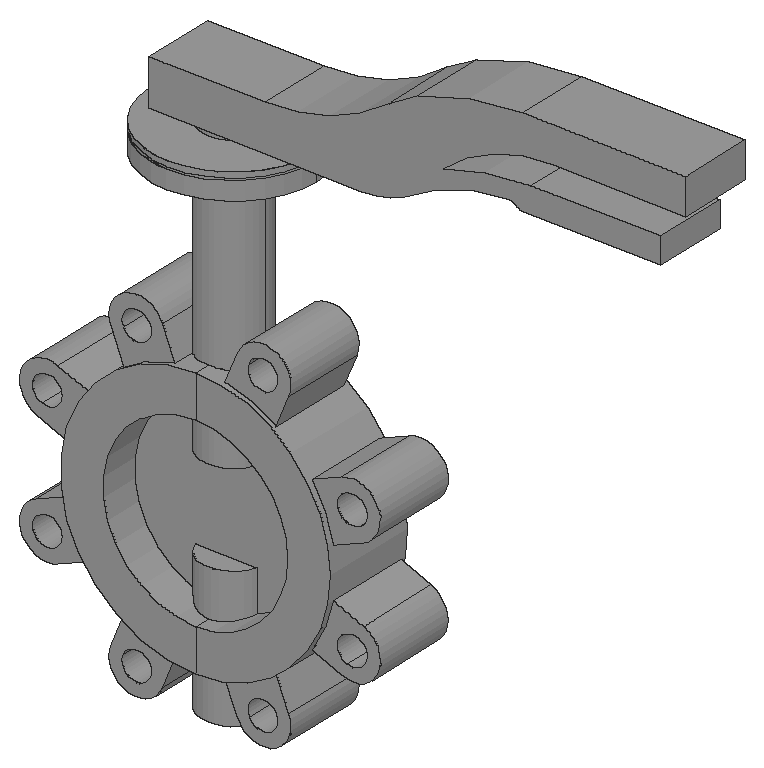
Revit family "3M_Butterfly Valve_UNIVAL_BLN-0301 - 40-600 mm", category Pipe Accessories, Revit 2016
Family settings
  Part Type = Valve - Breaks Into
  Round Connector Dimension = Use Diameter
  OmniClass Number = 23.65.55.14.17
  OmniClass Title = Adjusting/Controlling Valves for Liquid Services
  Work Plane-Based = No
  Always vertical = Yes
  Cut with Voids When Loaded = No
  Shared = No
Parameters (values of type "DN100")
  d = 16 mm
  built-in parameter 1114242 [instance] = 1
  T = -10 mm
  Symbol_consist = E / 30 * 17  # 29.183 mm
  Seat Material = "EPDM, NBR"  # constant formula
  Loss Method = K Coefficient from Table
  Kv = 760
  LugHole_pcs = 8
  LugrAxis_dist = Body_r + 12 mm  # 85 mm
  URL = "http://www.unival.com.tr/"
  Stem_top_h = 1 mm
  Standard No = "TS EN 593+A1"
  Pressure Rating = "PN16"
  Operator Type = M_Handle - Curved : Lever_260mm
  Model = "BLN-0301X100"
  Max. Working Temperature = "EPDM 120°C (water), NBR 90°C (water and petroleum oil)"
  Max. Working Pressure = "11 Bar"
  Max Diff. Pressure (Allowed) = "3 Bar"
  Manufacturer = "Giacomini Unival\r\nGiacomini Unival"
  K Coefficient Table = "Butterfly Valve Full Open"
  Gasket Material = "EPDM / NBR"
  Stem_D = 34.5 mm
  Disc_r = DN / 2  # 50 mm
  Disc Material = "Aluminium bronze"  # constant formula
  Description TR = "Lug tipi kelebek vana"  # constant formula
  Description = "Lug type butterfly valve"  # constant formula
  Lug_do = d + 14 mm  # 30 mm
  DN = 100 mm
  D = 90 mm
  Connection Type = "Lug"  # constant formula
  Certifications = "TSE EAC CE"
  E = 51.5 mm
  Body Material = "Ductile iron"  # constant formula
  Body_r = DN / 2 + 23 mm  # 73 mm
  B = 100 mm
  Lug_angle = 22.50°
  A = 180 mm
Types (15, lengths in mm): name | d | T | Symbol_consist | Kv | LugHole_pcs | LugrAxis_dist | Stem_top_h | Operator Type | Model | Max Diff. Pressure (Allowed) | Gasket Material | Stem_D | Disc_r | Lug_do | DN | D | E | Body_r | B | Lug_angle | A
  DN100 | 16 | -10 | 29.183 | 760 | 8 | 85 | 1 | M_Handle - Curved : Lever_260mm | "BLN-0301X100" | "3 Bar" | "EPDM / NBR" | 34.5 | 50 | 30 | 100 | 90 | 51.5 | 73 | 100 | 22.50° | 180
  DN250 | 24 | -10 | 38.817 | 5050 | 12 | 160 | 26 | M_Handle - Curved : Lever_416mm | "BLN-0301X250" | "1.5 Bar" | "EPDM, NBR" | 45.888 | 125 | 38 | 250 | 125 | 68.5 | 148 | 200 | 30.00° | 274
  DN40 | 16 | -10 | 19.55 | 49.5 | 4 | 55 | 1 | M_Handle - Curved : Lever_260mm | "BLN-0301X040" | "3 Bar" | "EPDM, NBR" | 23.112 | 20 | 30 | 40 | 90 | 34.5 | 43 | 63.5 | 90.00° | 140
  DN50 | 16 | -10 | 24.367 | 115 | 4 | 60 | 1 | M_Handle - Curved : Lever_260mm | "BLN-0301X050" | "3 Bar" | "EPDM, NBR" | 28.806 | 25 | 30 | 50 | 90 | 43 | 48 | 68.5 | 90.00° | 140
  DN65 | 16 | -10 | 25.5 | 255 | 4 | 67.5 | 1 | M_Handle - Curved : Lever_260mm | "BLN-0301X065" | "3 Bar" | "EPDM, NBR" | 30.146 | 32.5 | 30 | 65 | 90 | 45 | 55.5 | 76 | 90.00° | 152
  DN80 | 16 | -10 | 26.067 | 375 | 4 | 75 | 1 | M_Handle - Curved : Lever_260mm | "BLN-0301X080" | "3 Bar" | "EPDM, NBR" | 30.816 | 40 | 30 | 80 | 90 | 46 | 63 | 85 | 90.00° | 160
  DN125 | 16 | -10 | 31.733 | 1030 | 8 | 97.5 | 1 | M_Handle - Curved : Lever_260mm | "BLN-0301X125" | "3 Bar" | "EPDM, NBR" | 37.515 | 62.5 | 30 | 125 | 90 | 56 | 85.5 | 120 | 22.50° | 191
  DN150 | 16 | -10 | 32.017 | 1790 | 8 | 110 | 1 | M_Handle - Curved : Lever_260mm | "BLN-0301X150" | "3 Bar" | "EPDM, NBR" | 37.85 | 75 | 30 | 150 | 90 | 56.5 | 98 | 132 | 22.50° | 202
  DN200 | 20 | -10 | 34 | 3450 | 12 | 135 | 23 | M_Handle - Curved : Lever_326mm | "BLN-0301X200" | "3 Bar" | "EPDM, NBR" | 40.194 | 100 | 34 | 200 | 125 | 60 | 123 | 160 | 30.00° | 237
  DN300 | 24 | -10 | 45.05 | 7420 | 12 | 185 | 26 | M_Handle - Curved : Lever_416mm | "BLN-0301X300" | "1.5 Bar" | "EPDM, NBR" | 53.257 | 150 | 38 | 300 | 125 | 79.5 | 173 | 230 | 30.00° | 312
  DN350 | 24 | -24 | 44.2 | 10300 | 16 | 210 | 1 | M_Gear - Operator  : GearS | "BLN-0301X350" | "" | "EPDM, NBR" | 52.252 | 175 | 38 | 350 | 125 | 78 | 198 | 280 | 11.25° | 368
  DN400 | 27 | -25 | 49.867 | 14007 | 16 | 235 | 1 | M_Gear - Operator  : GearM | "BLN-0301X400" | "" | "EPDM, NBR" | 58.951 | 200 | 41 | 400 | 175 | 88 | 223 | 310 | 11.25° | 400
  DN450 | 27 | -26 | 61.767 | 18551 | 20 | 260 | 1 | M_Gear - Operator  : GearM | "BLN-0301X450" | "" | "EPDM, NBR" | 73.019 | 225 | 41 | 450 | 175 | 109 | 248 | 340 | 90.00° | 422
  DN500 | 30 | -25 | 71.967 | 23853 | 20 | 285 | 1 | M_Gear - Operator  : GearL | "BLN-0301X500" | "" | "EPDM, NBR" | 85.078 | 250 | 44 | 500 | 210 | 127 | 273 | 388 | 90.00° | 480
  DN600 | 33 | -30 | 87.267 | 36894 | 20 | 335 | 1 | M_Gear - Operator  : GearL | "BLN-0301X600" | "" | "EPDM, NBR" | 103.165 | 300 | 47 | 600 | 210 | 154 | 323 | 450 | 30.00° | 562
Reference planes
  plane 1 "Center (Front/Back)": y = 0
  plane 2: z = 0
  plane 3 "Center (Left/Right)": x = 0
  plane 4 "Disk": z = 50
  plane 5 "Disc 2": z = -50
  plane 6 "A": z = 180
  plane 7: z = -100
  plane 8: z = 25
  plane 9: z = -25
  plane 10 "Handle_Plane": z = 181
  plane 11 "Wafer 2": y = 25.75
  plane 12 "Wafer": y = -25.75
  plane 13: x = -84.994
  plane 14: x = 84.994
Forms (mm)
  Extrusion 1, solid, material "UNIVAL_Grey", detail levels fine
    sketch origin (0, 0, 0) x (1, 0, 0) y (0, 0, 1)
      loop
        circle (0, 0) r 50
    from -5 to 5
  Revolve 2, solid, material "UNIVAL_IRON", detail levels fine
    sketch origin (0, 0, 0) x (0, 1, 0) y (0, 0, 1)
      loop
        line (25.75, 73) -> (-25.75, 73) -> (-25.75, 50) -> (25.75, 50) -> (25.75, 73)
      axis (25.75, 0) -> (-25.75, 0)
    angle from 0 to 360
  Extrusion 3, solid, material "UNIVAL_IRON", detail levels fine
    sketch origin (0, 0, 0) x (1, 0, 0) y (0, 1, 0)
      loop
        circle (0, 0) r 17.25
    from 50 to 180
  Extrusion 4, solid, material "UNIVAL_IRON", detail levels fine
    sketch origin (0, 0, 0) x (1, 0, 0) y (0, 1, 0)
      loop
        circle (0, 0) r 17.25
    from -100 to -50
  Extrusion 5, solid, material "UNIVAL_IRON", detail levels fine
    sketch origin (0, 0, 180) x (1, 0, 0) y (0, 1, 0)
      loop
        circle (0, 0) r 45
    from -10 <- "T" to 0
  Extrusion 6, solid, material "UNIVAL_Grey", detail levels fine
    sketch origin (0, 0, 50) x (-1, 0, 0) y (0, -1, 0)
      loop
        circle (0, 0) r 17.25
    from -25 to 0
  Extrusion 7, solid, material "UNIVAL_Grey", detail levels fine
    sketch origin (0, 0, -50) x (-1, 0, 0) y (0, -1, 0)
      loop
        circle (0, 0) r 17.25
    from 0 to 25
  Extrusion 8, solid, material "UNIVAL_IRON", detail levels fine
    sketch origin (-1351.99, -1524, 180) x (-1, 0, 0) y (0, -1, 0)
      loop
        circle (-1351.99, -1524) r 45
    from 0 to 1 <- "Stem_top_h"
Cuts and joins
  joined: Revolve 2, Extrusion 3, Extrusion 4, Extrusion 5
  joined: Extrusion 1, Extrusion 6, Extrusion 7
Lines and regions (mm)
  model lines, detail levels coarse+medium
    curve 1: line (-14.592, 25.75, 0) -> (14.592, 25.75, 0)
    curve 3: line (14.592, -25.75, 0) -> (-14.592, -25.75, 0)
    curve 5: line (-14.592, -25.75, 0) -> (14.592, 25.75, 0)
    curve 6: line (14.592, -25.75, 0) -> (-14.592, 25.75, 0)
  model lines, not visible, detail levels coarse+medium
    curve 2: line (-14.592, -25.75, 0) -> (-14.592, 25.75, 0)
    curve 4: line (14.592, 25.75, 0) -> (14.592, -25.75, 0)
  reference lines
    curve 7: line (0, 25.75, 0) -> (13.899, 25.75, 33.556)
Dimensions and locks
  equal spacing: Revolve 2 sketch curve, plane 1 "Center (Front/Back)", Revolve 2 sketch curve
  "E": Revolve 2 sketch curve to Revolve 2 sketch curve
  "Disc_r": Revolve 2 sketch curve to Revolve 2 sketch curve
  "Body_r": Revolve 2 sketch curve to Revolve 2 sketch curve
  "Disc_r": plane 4 "Disk" to plane 2
  "Disc_r": level to plane 5 "Disc 2"
  "A": plane 6 "A" to plane 2
  "B": level to plane 7
  equal spacing: plane 4 "Disk", plane 8, level
  equal spacing: level, plane 9, plane 5 "Disc 2"
  "Stem_top_h": plane 10 "Handle_Plane" to plane 6 "A"
  "E": plane 12 "Wafer" to plane 11 "Wafer 2"
  equal spacing: plane 12 "Wafer", plane 1 "Center (Front/Back)", plane 11 "Wafer 2"
  "Symbol_consist": curve 2 to curve 1
  equal spacing: curve 2, plane 3 "Center (Left/Right)", curve 4
  "Disc_r": radius of Extrusion 1 sketch curve
  "Stem_D": diameter of Extrusion 3 sketch curve
  "Stem_D": diameter of Extrusion 4 sketch curve
  "D": diameter of Extrusion 5 sketch curve
  "Stem_D": diameter of Extrusion 6 sketch curve
  "Stem_D": diameter of Extrusion 7 sketch curve
  "D": diameter of Extrusion 8 sketch curve
  "Lug_angle": angle curve 7 to plane 3 "Center (Left/Right)"
  aligned and locked: level to plane 2
  aligned and locked: Revolve 2 sketch curve to level
  aligned and locked: Extrusion 3 to plane 4 "Disk"
  aligned and locked: plane 6 "A" to Extrusion 3
  aligned and locked: plane 5 "Disc 2" to Extrusion 4
  aligned and locked: plane 7 to Extrusion 4
  aligned and locked: Extrusion 6 to Extrusion 3
  aligned and locked: Extrusion 6 to plane 8
  aligned and locked: plane 9 to Extrusion 7
  aligned and locked: Extrusion 7 to plane 5 "Disc 2"
Automatic sketch dimensions
  Extrusion 1 sketch curve to level = 0 mm
  Extrusion 1 sketch curve to plane 3 "Center (Left/Right)" = 0 mm
  plane 12 "Wafer" to Revolve 2 sketch curve = 2821.218 mm
  Revolve 2 sketch curve to plane 11 "Wafer 2" = 1437.719 mm
  plane 1 "Center (Front/Back)" to Extrusion 3 sketch curve = 0 mm
  Extrusion 3 sketch curve to plane 3 "Center (Left/Right)" = 0 mm
  plane 1 "Center (Front/Back)" to Extrusion 4 sketch curve = 0 mm
  Extrusion 4 sketch curve to plane 3 "Center (Left/Right)" = 0 mm
  plane 1 "Center (Front/Back)" to Extrusion 6 sketch curve = 0 mm
  Extrusion 6 sketch curve to plane 3 "Center (Left/Right)" = 0 mm
  plane 1 "Center (Front/Back)" to Extrusion 7 sketch curve = 0 mm
  Extrusion 7 sketch curve to plane 3 "Center (Left/Right)" = 0 mm
  plane 1 "Center (Front/Back)" to Extrusion 8 sketch curve = 0 mm
  Extrusion 8 sketch curve to plane 3 "Center (Left/Right)" = 0 mm
  plane 12 "Wafer" to curve 3 = 0 mm
  plane 11 "Wafer 2" to curve 2 = 0 mm
  curve 7 to level = 0 mm
  curve 7 to plane 3 "Center (Left/Right)" = 0 mm
Nested families
  nested 1: "M_Handle - Curved" at (0, 0, 181), type <- "Operator Type", type "Lever_260mm", detail levels fine
    with Stem_D 34.5 mm
  nested 2: "M_Lug" at (0, 25.75, 0) x (0.9239, 0, 0.3827) z (0, -1, 0), type "M_Lug", detail levels fine
    with Wafer_d 48.5 mm, HoleNumber 8, Distance 85 mm, Body_depth 51.5 mm
Connectors
  piping at (0, -25.75, 0), diameter 100, driven by "DN"
    settings: on Revolve 2, index 1, connector inside diameter 609.6 mm, connector length 0 mm, flow factor 0, pipe flow 0.0 L/s, pressure drop 0.0 Pa, fitting loss kfactor 0, connector angle 0.00°, fixture units 0, engagement length 0 mm, angle of deflection 0.00°, flow configuration 0, flow direction 0, fitting loss method 0, system type 29, joint type 0, gender type 0, connector reference index 2, connector utility 0, adjustable connector no, is connector primary yes, connector description ""
  piping at (0, 25.75, 0), diameter 100, driven by "DN"
    settings: on Revolve 2, index 2, connector inside diameter 609.6 mm, connector length 0 mm, flow factor 0, pipe flow 0.0 L/s, pressure drop 0.0 Pa, fitting loss kfactor 0, connector angle 0.00°, fixture units 0, engagement length 0 mm, angle of deflection 0.00°, flow configuration 0, flow direction 0, fitting loss method 0, system type 29, joint type 0, gender type 0, connector reference index 1, connector utility 0, adjustable connector no, is connector primary no, connector description ""
Definition of nested family "M_Handle - Curved"
  Parameters (values of type "Lever_326mm")
    Stem_D = 23.112 mm
    L_Handle = 260 mm
    L2 = L1 + 3 mm  # 140 mm
    L1 = 137 mm
    Default Elevation = 1219.2 mm
    D_Handle = 23.112 mm
  Types (3, lengths in mm): name | L_Handle | L2 | L1 | D_Handle
    Lever_260mm | 26 | 74 | 71 | 90
    Lever_326mm | 260 | 140 | 137 | 23.112
    Lever_416mm | 260 | 230 | 227 | 23.112
  Reference planes
    plane 1 "Center (Front/Back)": y = 0
    plane 2: z = 0
    plane 3 "Center (Left/Right)": x = 0
  Forms (mm)
    Extrusion 1, solid
      sketch origin (0, 0, 0) x (1, 0, 0) y (0, 1, 0)
        loop
          line (-360, 340) -> (-360, -334.649) -> (361.39, -334.649) -> (361.39, 340) -> (-360, 340)
      from 0 to -82.308
    Extrusion 2, solid
      sketch origin (-41.968, 0, -746.489) x (1, 0, 0) y (0, 0, 1)
        loop
          line (11.968, 753.489) -> (127.16, 753.489)
          arc (127.16, 753.489) -> (139.188, 755.108) -> (150.552, 759.372) r 54.013
          arc (150.552, 759.372) -> (176.894, 772.229) -> (205.698, 777.663) r 109.864
          arc (205.698, 777.663) -> (208.156, 777.429) -> (210.44, 776.49) r 8.395
          arc (210.44, 776.49) -> (212.221, 774.984) -> (214.509, 774.535) r 4.642
          line (214.509, 774.535) -> (354.509, 774.535) -> (354.509, 788.507) -> (218.712, 788.507)
          arc (218.712, 788.507) -> (194.423, 786.381) -> (170.871, 780.071) r 139.878
          arc (170.871, 780.071) -> (198.908, 796.978) -> (231.113, 802.867) r 90.996
          line (231.113, 802.867) -> (368.113, 802.867) -> (368.113, 822.274) -> (214.272, 822.274)
          arc (214.272, 822.274) -> (185.304, 818.955) -> (157.465, 810.285) r 155.405
          line (157.465, 810.285) -> (141.473, 801.155)
          arc (141.473, 801.155) -> (109.966, 784.24) -> (74.686, 778.393) r 109.363
          line (74.686, 778.393) -> (11.968, 778.393) -> (11.968, 753.489)
      from -20 to 20
    Extrusion 3, solid
      sketch origin (0, 0, 0) x (1, 0, 0) y (0, 1, 0)
        loop
          circle (0, 0) r 11.556
      from 0 to 3
    Extrusion 4, solid
      sketch origin (0, 0, 0) x (1, 0, 0) y (0, 1, 0)
        loop
          circle (0, 0) r 11.556
      from 0 to 7
  Dimensions and locks
    "L2": Extrusion 2 sketch curve to Extrusion 2 sketch curve
    Extrusion 2 to plane 3 "Center (Left/Right)" = 326.145 mm
    "D_Handle": diameter of Extrusion 3 sketch curve
    "D_Handle": diameter of Extrusion 3
    "Stem_D": diameter of Extrusion 4 sketch curve
    aligned and locked: plane 2 to Extrusion 1
    aligned and locked: level to Extrusion 1
    aligned and locked: plane 1 "Center (Front/Back)" to Extrusion 3 sketch curve
    aligned and locked: plane 1 "Center (Front/Back)" to Extrusion 4 sketch curve
    aligned and locked: plane 3 "Center (Left/Right)" to Extrusion 4 sketch curve
  Automatic sketch dimensions
    Extrusion 1 sketch curve to Extrusion 1 sketch curve = 721.39 mm
    Extrusion 1 sketch curve to Extrusion 1 sketch curve = 674.649 mm
    Extrusion 2 sketch curve to plane 3 "Center (Left/Right)" = 30 mm
    plane 3 "Center (Left/Right)" to Extrusion 2 sketch curve = 32.717 mm
    Extrusion 2 sketch curve to Extrusion 2 sketch curve = 51.329 mm
    level to Extrusion 2 sketch curve = 7 mm
    Extrusion 2 sketch curve to Extrusion 2 sketch curve = 1.145 mm
    Extrusion 2 sketch curve to Extrusion 2 sketch curve = 15.459 mm
    Extrusion 2 sketch curve to Extrusion 2 sketch curve = 15.992 mm
    Extrusion 2 sketch curve to Extrusion 2 sketch curve = 48.675 mm
    Extrusion 2 sketch curve to Extrusion 2 sketch curve = 5.341 mm
    Extrusion 2 sketch curve to Extrusion 2 sketch curve = 8.091 mm
    Extrusion 2 sketch curve to Extrusion 2 sketch curve = 0.041 mm
    Extrusion 2 sketch curve to Extrusion 2 sketch curve = 0.278 mm
    Extrusion 2 sketch curve to Extrusion 2 sketch curve = 5.915 mm
    Extrusion 2 sketch curve to Extrusion 2 sketch curve = 4.482 mm
    Extrusion 2 sketch curve to Extrusion 2 sketch curve = 13.718 mm
    Extrusion 2 sketch curve to Extrusion 2 sketch curve = 13.605 mm
    Extrusion 2 sketch curve to level = 34.618 mm
    Extrusion 2 sketch curve to Extrusion 2 sketch curve = 43.92 mm
    Extrusion 2 sketch curve to Extrusion 2 sketch curve = 1.051 mm
    Extrusion 2 sketch curve to Extrusion 2 sketch curve = 18.272 mm
    level to Extrusion 2 sketch curve = 22.79 mm
    Extrusion 2 sketch curve to Extrusion 2 sketch curve = 5.255 mm
    level to Extrusion 2 sketch curve = 31.903 mm
    Extrusion 2 sketch curve to Extrusion 2 sketch curve = 4.633 mm
    Extrusion 2 sketch curve to Extrusion 2 sketch curve = 13.971 mm
    Extrusion 2 sketch curve to Extrusion 2 sketch curve = 47.666 mm
    Extrusion 2 sketch curve to Extrusion 2 sketch curve = 14.361 mm
    Extrusion 2 sketch curve to Extrusion 2 sketch curve = 6.336 mm
    Extrusion 2 sketch curve to Extrusion 2 sketch curve = 9.13 mm
    level to Extrusion 2 sketch curve = 12.883 mm
    Extrusion 2 sketch curve to Extrusion 2 sketch curve = 0 mm
    Extrusion 3 sketch curve to plane 3 "Center (Left/Right)" = 0 mm
Definition of nested family "M_Lug"
  Parameters (values of type "M_Lug")
    d = 16 mm
    Wafer_d = Body_depth - 3 mm  # 18.2 mm
    Hole_do = 30 mm
    HoleNumber = 4
    Distance = 78.687 mm
    Default Elevation = 1219.2 mm
    Body_depth = 21.2 mm
  Reference planes
    plane 1 "Center (Front/Back)": y = 0
    plane 2: z = 0
    plane 3 "Center (Left/Right)": x = 0
  Forms (mm)
    Extrusion 1, solid
      sketch origin (0, 0, 0) x (1, 0, 0) y (0, 1, 0)
        loop
          line (-1219.2, 1219.2) -> (-1219.2, -1219.2) -> (1219.2, -1219.2) -> (1219.2, 1219.2) -> (-1219.2, 1219.2)
      from 0 to -304.8
    Extrusion 2, solid
      sketch origin (0, 59.448, 0) x (1, 0, 0) y (0, 1, 0)
        loop
          circle (0, 23.479) r 8
        loop
          arc (15, 23.479) -> (0, 38.479) -> (-15, 23.479) r 15
          line (-15, 23.479) -> (-15, 0) -> (15, 0) -> (15, 23.479)
      from 3 to 18.2 <- "Wafer_d"
    Extrusion 3, solid
      sketch origin (59.448, 0, 0) x (0, -1, 0) y (1, 0, 0)
        loop
          circle (0, 23.479) r 8
        loop
          arc (15, 23.479) -> (0, 38.479) -> (-15, 23.479) r 15
          line (-15, 23.479) -> (-15, 0) -> (15, 0) -> (15, 23.479)
      from 3 to 18.2 <- "Wafer_d"
    Extrusion 4, solid
      sketch origin (-59.448, 0, 0) x (0, 1, 0) y (-1, 0, 0)
        loop
          circle (0, 23.479) r 8
        loop
          arc (15, 23.479) -> (0, 38.479) -> (-15, 23.479) r 15
          line (-15, 23.479) -> (-15, 0) -> (15, 0) -> (15, 23.479)
      from 3 to 18.2 <- "Wafer_d"
    Extrusion 5, solid
      sketch origin (0, -59.448, 0) x (-1, 0, 0) y (0, -1, 0)
        loop
          circle (0, 23.479) r 8
        loop
          arc (15, 23.479) -> (0, 38.479) -> (-15, 23.479) r 15
          line (-15, 23.479) -> (-15, 0) -> (15, 0) -> (15, 23.479)
      from 3 to 18.2 <- "Wafer_d"
  Dimensions and locks
    "d": diameter of Extrusion 2 sketch curve
    "Hole_do": diameter of Extrusion 2 sketch curve
    "d": diameter of Extrusion 3 sketch curve
    "Hole_do": diameter of Extrusion 3 sketch curve
    "d": diameter of Extrusion 4 sketch curve
    "Hole_do": diameter of Extrusion 4 sketch curve
    "Distance": radius of radial array
    "d": diameter of Extrusion 5 sketch curve
    "Hole_do": diameter of Extrusion 5 sketch curve
    aligned and locked: plane 2 to Extrusion 1
    aligned and locked: level to Extrusion 1
  Automatic sketch dimensions
    Extrusion 1 sketch curve to Extrusion 1 sketch curve = 2438.4 mm  (x2)
    Extrusion 2 sketch curve to Extrusion 2 sketch curve = 0 mm  (x4)
    Extrusion 2 sketch curve to Extrusion 2 sketch curve = 23.479 mm
    Extrusion 3 sketch curve to Extrusion 3 sketch curve = 0 mm  (x4)
    Extrusion 3 sketch curve to Extrusion 3 sketch curve = 23.479 mm
    Extrusion 4 sketch curve to Extrusion 4 sketch curve = 0 mm  (x4)
    Extrusion 4 sketch curve to Extrusion 4 sketch curve = 23.479 mm
    Extrusion 5 sketch curve to Extrusion 5 sketch curve = 0 mm  (x4)
    Extrusion 5 sketch curve to Extrusion 5 sketch curve = 23.479 mm
